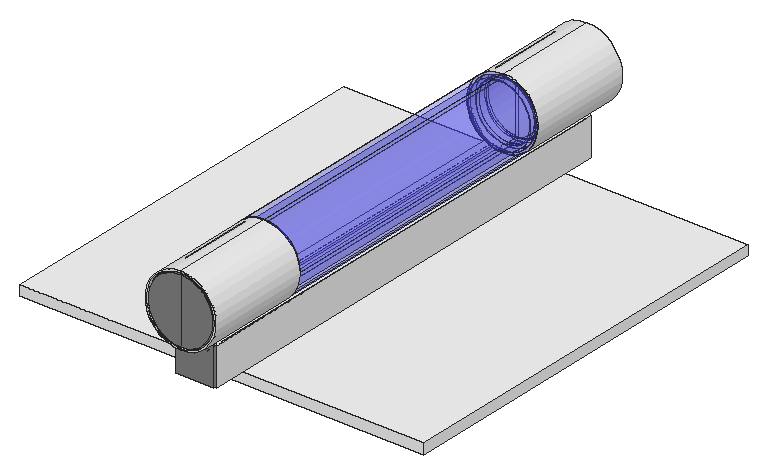
Revit family "BE_23250.1_de_DE", category Leuchten, Revit 2015
Parameters (values of type "BEGA_23250.1_K4")
  built-in parameter 1150104 = 11.613 (stored number, unit not read)
  Wattage = 10 W
  Default Elevation = 0 mm
  built-in parameter 1150113 = 1 (stored number, unit not read)
  built-in parameter 1114218 = 1 (stored number, unit not read)
  Umgebungstemperatur = ""
  URL = "http://www.bega.de/produkt/23250.1"
  Typenkommentare = "© 2017 BEGA. Wir behalten uns das Recht vor, technische Änderungen ohne vorherige Ankündigung vorzunehmen."  # constant formula
  built-in parameter 1150134 = 12
  built-in parameter 1150109 = 1 (stored number, unit not read)
  Strom = ""
  built-in parameter 1150110 = 1 (stored number, unit not read)
  Spannung = 239.996 V
  Sonderanfertigung = no
  Seriennummer [instance] = "Hier können Sie die eindeutige Seriennummer für das Facility Management eintragen."
  Schutzklasse = "I"
  Schutzart = "IP 44"
  Scheinlast = 0 VA
  Produktdatenblatt = "http://www.bega.de/download/Xrfa/db/23250.1.db.de.pdf"
  Oberflächentemperatur = ""
  Neigungswinkel = 0.00°
  Modell = "23250.1K4"
  Material_17 = BEGA_Reflektor
  Material_15 = BEGA_Leuchtmedium_matt
  Material_11 = BEGA_Glas_opal
  Material_09 = BEGA_Glas_klar
  Material_06 = BEGA_Oberfläche_Edelstahl_gebürstet
  Material_05 = BEGA_Oberfläche_Aluminium Guss
  Material_04 = BEGA_Kunststoff_Grafit_matt
  Material_03 = BEGA_Oberfläche_Weiss_matt
  Material_02 = BEGA_Oberfläche_Silber_matt
  Material_01 [instance] = BEGA_Oberfläche_Grafit_matt
  M_W = no
  M_G = no
  M_A = no
  Logo = 0
  built-in parameter 1114217 = 1 (stored number, unit not read)
  built-in parameter 1150139 = (empty or 0)
  built-in parameter 1150105 = 99.472 (stored number, unit not read)
  built-in parameter 1150114 = 1 (stored number, unit not read)
  Lumens = 1250 lm
  built-in parameter 1150115 = 1 (stored number, unit not read)
  Leuchtenlichtstrom = "806 lm"
  Leuchtenanzahl = ""
  Lebensdauerkriterien = "L70B50 @ 25 °C = 290000 h"
  Lastklassifizierung = Beleuchtung
  built-in parameter 1150112 = 1 (stored number, unit not read)
  Lampenlichtstrom = "1250 lm"
  Lampe = "LED 10 W"
  LED_Modulbezeichnung = "2x LED-0424/940"
  Hersteller = "BEGA"  # constant formula
  Halbstreuwinkel = ""
  Gewicht = "1.7 kg"
  Gebrauchslageneinschränkung [instance] = ""
  Frequenz = "0/50-60 Hz"
  Farbwiedergabeindex = "Ra > 90"
  Farbtemperaturverschiebung bei Dämpfen der Lampe = <Keine Auswahl>
  Farbtemperatur = "4000 K"
  Color Filter = 16777215
  built-in parameter 1150133 = 10 (stored number, unit not read)
  Energieeffizienzklasse = "LED A++ - A"
  built-in parameter 1150137 = (empty or 0)
  built-in parameter 1150132 = (empty or 0)
  ENEC = ""
  Dimmbar [instance] = ""
  Datei für fotometrisches Netz = "BE_23250K4.IES"
  CE_Konformität = "ja"
  Bestellnummer = "23250.1K4"
  Beschreibung_Sonderanfertigung = "Hier können Sie Informationen zur Sonderanfertigung eintragen."
  Beschreibung = "Wandleuchte"
  built-in parameter 1150106 = 0.99472 (stored number, unit not read)
  Befestigungsbohrung = "Ø 6 mm"
  Befestigungsabstand = "275 mm"
  Ballwurfsicher = ""
  BEGA_Intern_aus = yes
  BEGA_Intern_an = yes
  BEGA_Intern_Konstruktion = yes
  BEGA_Intern = yes
  BEGA_IES = yes
  BEGA_Dummy = no
  Anschlussleitung = ""
  Anschlussleistung [instance] = "11.6 W"
  Anschlusskasten = ""
  built-in parameter 1150107 = 4000 (stored number, unit not read)
  built-in parameter 1150102 = (empty or 0)
  built-in parameter 1150138 = (empty or 0)
  Aktualisierung = "2017-09-29T04:10:01"
  Abstand_zur_angestrahlten_Fläche [instance] = ""
  AC/DC = "AC/DC"
Types (2, lengths in mm): name | built-in parameter 1150104 | built-in parameter 1150134 | Modell | built-in parameter 1150105 | Lumens | Leuchtenlichtstrom | Lampenlichtstrom | LED_Modulbezeichnung | Farbtemperatur | Datei für fotometrisches Netz | Bestellnummer | built-in parameter 1150106 | built-in parameter 1150107
  BEGA_23250.1_K3 | 10.777 (stored number, unit not read) | (empty or 0) | "23250.1" | 92.31 (stored number, unit not read) | 1160 lm | "748 lm" | "1160 lm" | "2x LED-0424/930" | "3000 K" | "BE_23250.IES" | "23250.1" | 0.9231 (stored number, unit not read) | 3000 (stored number, unit not read)
  BEGA_23250.1_K4 | 11.613 (stored number, unit not read) | 12 | "23250.1K4" | 99.472 (stored number, unit not read) | 1250 lm | "806 lm" | "1250 lm" | "2x LED-0424/940" | "4000 K" | "BE_23250K4.IES" | "23250.1K4" | 0.99472 (stored number, unit not read) | 4000 (stored number, unit not read)
Reference planes
  plane 1 "Mitte (Vorne/Hinten)": y = 0
  plane 2: z = 0
  plane 3 "Mitte (Links/Rechts)": x = 0
  plane 4 "Links": x = -35
  plane 5 "Rechts": x = 35
  plane 6 "Unten": y = -251
  plane 7 "Oben": y = 251
  plane 8 "Vorne": z = 104.517
  plane 9 "Hinten": z = 0
Forms (mm)
  Extrusion 1, solid, material "BEGA_Platte_Weiss"
    sketch origin (0, -1119.2, 0) x (1, 0, 0) y (0, 1, 0)
      loop
        line (-200, 1319.2) -> (-200, 919.2) -> (200, 919.2) -> (200, 1319.2) -> (-200, 1319.2)
    from 0 to -10
  Extrusion 2, solid, material "BEGA_Dummy_matt", visible <- "BEGA_Dummy"
    sketch origin (80.095, -76.023, 0) x (1, 0, 0) y (0, 1, 0)
      loop
        line (-115.095, 327.023) -> (-115.095, -174.977) -> (-45.095, -174.977) -> (-45.095, 327.023) -> (-115.095, 327.023)
    from 0 to 104.517
Dimensions and locks
  plane 1 "Mitte (Vorne/Hinten)" to Extrusion 1 = 200 mm
  aligned and locked: plane 2 to Extrusion 1
  aligned and locked: level to Extrusion 1
Nested families
  nested 1: "BE_23250.1" at (0, 0, 0) x (0, 1, 0) z (0, 0, 1), type "BE_23250.1"
Connectors
  electrical at (0, 0, 0), driven by "Lastklassifizierung", driven by "Spannung", driven by "Scheinlast"
    settings: index 1, voltage 239.996 V, apparent load 0 VA, apparent load phase1 0 VA, apparent load phase2 0 VA, apparent load phase3 0 VA, power factor 1, load classification "Beleuchtung", number of poles 1, system type 31, power factor state 1, is connector primary yes, connector utility no, sub classification motor no, connector description ""
Definition of nested family "BE_23250.1"
  Parameters (values of type "BE_23250.1")
    Default Elevation = 1 mm
    URL = "http://www.bega.de/de/produkt"
    Type Comments = "© 2015 BEGA. Wir behalten uns das Recht vor, technische Änderungen ohne vorherige Ankündigung vorzunehmen. "  # constant formula
    Type Image = (empty or 0)
    Neigungswinkel_um_Z2 = 0.00°
    Neigungswinkel_um_Z1 = 0.00°
    Neigungswinkel_um_Y2 = 0.00°
    Neigungswinkel_um_Y1 = 0.00°
    Neigungswinkel_um_X2 = 0.00°
    Neigungswinkel_um_X1 = 0.00°
    Material_17 = none
    Material_15 = none
    Material_11 = none
    Material_09 = none
    Material_06 = none
    Material_05 = none
    Material_04 = none
    Material_03 = none
    Material_02 = none
    Material_01 = none
    M_W = yes
    M_G = yes
    M_A = yes
    Länge_Platte = 650 mm  # constant formula
    Höhe_Platte = -10 mm  # constant formula
    Manufacturer = "BEGA"  # constant formula
    Drehwinkel_um_Z2 = 0.00°
    Drehwinkel_um_Z1 = 0.00°
    Breite_Platte = 200 mm  # constant formula
  Reference planes
    plane 1 "Mitte (Oben/Unten)": y = 0
    plane 2: z = 0
    plane 3 "Mitte (Links/Rechts)": x = 0
    plane 4: y = 35
    plane 5: y = -35
    plane 6: x = -251
    plane 7: x = 251
    plane 8: z = 104.517
  Forms (mm)
    Extrusion 1, solid, detail levels medium
      sketch origin (0, 0, 0) x (1, 0, 0) y (0, 1, 0)
        loop
          line (-325, 100) -> (-325, -100) -> (325, -100) -> (325, 100) -> (-325, 100)
      from 0 to -10 <- "Höhe_Platte"
    Extrusion 2, solid, material <- "Material_03", detail levels medium+fine
      sketch origin (0, 0, 0) x (0, 1, 0) y (0, 0, 1)
        loop
          line (-20, 37.5) -> (-20, 0) -> (-15.75, 0) -> (-15.75, 6.5) -> (-16.8, 6.5)
          arc (-16.8, 6.5) -> (-17.507, 6.793) -> (-17.8, 7.5) r 1
          line (-17.8, 7.5) -> (-17.8, 32.29)
          arc (-17.8, 32.29) -> (-16.811, 33.7) -> (-15.148, 33.251) r 1.5
          line (-15.148, 33.251) -> (-11.917, 29.4) -> (11.917, 29.4) -> (15.148, 33.251)
          arc (15.148, 33.251) -> (16.811, 33.7) -> (17.8, 32.29) r 1.5
          line (17.8, 32.29) -> (17.8, 7.5)
          arc (17.8, 7.5) -> (17.507, 6.793) -> (16.8, 6.5) r 1
          line (16.8, 6.5) -> (15.75, 6.5) -> (15.75, 0) -> (20, 0) -> (20, 37.5) -> (18, 39.5)
          arc (18, 39.5) -> (15.101, 37.578) -> (12, 36.005) r 30
          line (12, 36.005) -> (12, 33.9)
          arc (12, 33.9) -> (11.561, 32.839) -> (10.5, 32.4) r 1.5
          line (10.5, 32.4) -> (-10.5, 32.4)
          arc (-10.5, 32.4) -> (-11.561, 32.839) -> (-12, 33.9) r 1.5
          line (-12, 33.9) -> (-12, 36.005)
          arc (-12, 36.005) -> (-15.101, 37.578) -> (-18, 39.5) r 30
          line (-18, 39.5) -> (-20, 37.5)
      from -232 to 231
    Extrusion 3, solid, material <- "Material_03", detail levels medium+fine
      sketch origin (0, 0, 0) x (1, 0, 0) y (0, 0, 1)
        loop
          line (128, 4.3) -> (128, 1) -> (148, 1) -> (148, 4.3) -> (128, 4.3)
        loop
          line (-147, 4.3) -> (-147, 1) -> (-127, 1) -> (-127, 4.3) -> (-147, 4.3)
      from -17.577 to 17.577
    Extrusion 4, solid, material <- "Material_04", detail levels medium+fine
      sketch origin (0, 0, 0) x (0, 1, 0) y (0, 0, 1)
        loop
          line (-18.99, 0.01) -> (18.99, 0.01) -> (19, 36.578) -> (17.542, 38.036)
          arc (17.542, 38.036) -> (0, 32.49) -> (-17.542, 38.036) r 30.51
          line (-17.542, 38.036) -> (-18.99, 36.588) -> (-18.99, 0.01)
      from 231 to 232.5
    Extrusion 5, solid, material <- "Material_04", detail levels medium+fine
      sketch origin (0, 0, 0) x (0, 1, 0) y (0, 0, -1)
        loop
          line (-18.99, -0.01) -> (-18.99, -36.588) -> (-17.542, -38.036)
          arc (-17.542, -38.036) -> (0, -32.49) -> (17.542, -38.036) r 30.51
          line (17.542, -38.036) -> (19, -36.578) -> (18.99, -0.01) -> (-18.99, -0.01)
      from 232 to 233.5
    Extrusion 6, void
      sketch origin (0, 0, 0) x (1, 0, 0) y (0, 1, 0)
        loop
          arc (135, 3) -> (132, 0) -> (135, -3) r 3
          line (135, -3) -> (141, -3)
          arc (141, -3) -> (143.116, -2.127) -> (144, -0.016) r 3
          arc (144, -0.016) -> (143.116, 2.127) -> (141, 3) r 3
          line (141, 3) -> (135, 3)
        loop
          arc (-134, 3) -> (-137, 6) -> (-140, 3) r 3
          line (-140, 3) -> (-140, -3)
          arc (-140, -3) -> (-139.128, -5.114) -> (-136.985, -6) r 3
          arc (-136.985, -6) -> (-134.873, -5.116) -> (-134, -3) r 3
          line (-134, -3) -> (-134, 3)
      from 0 to 6.5
    Revolve 7, void
      sketch origin (-201, 0, 0) x (0, 1, 0) y (0, 0, 1)
        loop
          line (-6, 32.4) -> (-6, 29.4) -> (0, 29.4) -> (0, 32.4) -> (-6, 32.4)
        axis (0, 32.4) -> (0, 29.4)
      angle from 0 to 360
    Revolve 8, solid, material <- "Material_03", detail levels medium+fine
      sketch origin (0, 0, 0) x (1, 0, 0) y (0, 0, 1)
        loop
          line (-251, 103.267) -> (-248.43, 103.267) -> (-247.66, 102.822) -> (-236, 102.517) -> (-148, 102.517) -> (-148, 104.517) -> (-251, 104.517) -> (-251, 103.267)
        loop
          line (251, 103.267) -> (251, 104.517) -> (148, 104.517) -> (148, 102.517) -> (236, 102.517) -> (247.66, 102.822) -> (248.43, 103.267) -> (251, 103.267)
        axis (-251, 69.517) -> (251, 69.517)
      angle from 0 to 360
    Revolve 9, solid, material <- "Material_04", detail levels medium+fine
      sketch origin (0, 0, 0) x (1, 0, 0) y (0, 0, 1)
        loop
          line (-251, 101.517) -> (-251, 69.517) -> (-245, 69.517) -> (-245, 100.067) -> (-236, 100.381) -> (-236, 103.017) -> (-248, 103.017) -> (-248, 101.517) -> (-251, 101.517)
        loop
          line (251, 101.517) -> (248, 101.517) -> (248, 103.017) -> (236, 103.017) -> (236, 100.381) -> (245, 100.067) -> (245, 69.517) -> (251, 69.517) -> (251, 101.517)
        axis (-251, 69.517) -> (251, 69.517)
      angle from 0 to 360
    Revolve 10, solid, material <- "Material_11", detail levels medium+fine
      sketch origin (0, 0, 0) x (1, 0, 0) y (0, 0, 1)
        loop
          line (-154.5, 98.517) -> (-150.415, 98.517)
          arc (-150.415, 98.517) -> (-146.122, 97.721) -> (-142.993, 100.767) r 4.75
          line (-142.993, 100.767) -> (142.993, 100.767)
          arc (142.993, 100.767) -> (146.122, 97.721) -> (150.415, 98.517) r 4.75
          line (150.415, 98.517) -> (154.336, 98.517) -> (162.75, 97.781) -> (162.75, 69.517) -> (166.5, 69.517) -> (166.5, 99.388)
          arc (166.5, 99.388) -> (165.976, 100.734) -> (164.684, 101.376) r 2
          line (164.684, 101.376) -> (154.5, 102.267) -> (146.5, 102.36) -> (146.5, 104.517) -> (-146.5, 104.517) -> (-146.5, 102.267) -> (-154.5, 102.267) -> (-154.5, 98.517)
        axis (-154.5, 69.517) -> (166.5, 69.517)
      angle from 0 to 360
    Revolve 11, void
      sketch origin (0, 0, 0) x (1, 0, 0) y (0, 0, 1)
        loop
          line (248.3, 79.117) -> (248.3, 69.517) -> (251, 69.517) -> (251, 79.282) -> (248.3, 79.117)
        axis (248.3, 69.517) -> (251, 69.517)
      angle from 0 to 360
    Revolve 12, solid, material <- "Material_06", detail levels fine
      sketch origin (0, 0, 0) x (1, 0, 0) y (0, 0, 1)
        loop
          line (248.3, 79.017) -> (248.3, 69.517) -> (250.8, 69.517) -> (250.8, 79.017) -> (248.3, 79.017)
        axis (248.3, 69.517) -> (250.8, 69.517)
      angle from 0 to 360
  Cuts and joins
    joined: Extrusion 4, Extrusion 5
    Revolve 7 cuts Extrusion 2
    Extrusion 6 cuts Extrusion 3
    joined: Extrusion 2, Extrusion 3
    Revolve 11 cuts Revolve 9
  Dimensions and locks
    equal spacing: Extrusion 1 sketch curve, plane 3 "Mitte (Links/Rechts)", Extrusion 1 sketch curve
    equal spacing: Extrusion 1 sketch curve, plane 1 "Mitte (Oben/Unten)", Extrusion 1 sketch curve
    "Länge_Platte": Extrusion 1 sketch curve to Extrusion 1 sketch curve
    "Breite_Platte": Extrusion 1 sketch curve to Extrusion 1 sketch curve
    aligned and locked: Extrusion 1 to plane 2
    aligned and locked: level to Extrusion 1
  Automatic sketch dimensions
    Extrusion 2 sketch curve to Extrusion 2 sketch curve = 0 mm  (x2)
    Extrusion 2 sketch curve to level = 0 mm  (x2)
    Extrusion 2 sketch curve to plane 1 "Mitte (Oben/Unten)" = 0 mm
    plane 1 "Mitte (Oben/Unten)" to Extrusion 2 sketch curve = 10.5 mm
    Extrusion 2 sketch curve to Extrusion 2 sketch curve = 1.417 mm  (x2)
    Extrusion 2 sketch curve to Extrusion 2 sketch curve = 1.5 mm  (x3)
    Extrusion 2 sketch curve to Extrusion 2 sketch curve = 3.148 mm  (x2)
    plane 1 "Mitte (Oben/Unten)" to Extrusion 2 sketch curve = 15.75 mm
    Extrusion 2 sketch curve to Extrusion 2 sketch curve = 1.152 mm  (x2)
    Extrusion 2 sketch curve to Extrusion 2 sketch curve = 1.05 mm  (x2)
    Extrusion 2 sketch curve to Extrusion 2 sketch curve = 1 mm
    Extrusion 2 sketch curve to Extrusion 2 sketch curve = 2.852 mm  (x2)
    Extrusion 2 sketch curve to Extrusion 2 sketch curve = 2 mm  (x2)
    Extrusion 2 sketch curve to plane 1 "Mitte (Oben/Unten)" = 10.5 mm
    level to Extrusion 2 sketch curve = 6.5 mm  (x2)
    Extrusion 2 sketch curve to plane 1 "Mitte (Oben/Unten)" = 15.75 mm
    Extrusion 2 sketch curve to Extrusion 2 sketch curve = 4.25 mm
    Extrusion 2 sketch curve to Extrusion 2 sketch curve = 21.9 mm
    Extrusion 2 sketch curve to Extrusion 2 sketch curve = 2.89 mm  (x2)
    Extrusion 2 sketch curve to Extrusion 2 sketch curve = 3 mm
    Extrusion 2 sketch curve to Extrusion 2 sketch curve = 2.105 mm  (x2)
    Extrusion 2 sketch curve to Extrusion 2 sketch curve = 5.21 mm  (x2)
    level to Extrusion 3 sketch curve = 1 mm  (x2)
    Extrusion 3 sketch curve to plane 6 = 104 mm
    Extrusion 3 sketch curve to Extrusion 3 sketch curve = 20 mm  (x2)
    level to Extrusion 3 sketch curve = 4.3 mm
    Extrusion 3 sketch curve to plane 7 = 123 mm
    Extrusion 3 sketch curve to Extrusion 3 sketch curve = 3.3 mm
    Extrusion 4 sketch curve to plane 1 "Mitte (Oben/Unten)" = 0 mm
    Extrusion 4 sketch curve to plane 5 = 17.458 mm
    level to Extrusion 4 sketch curve = 0.01 mm
    Extrusion 4 sketch curve to plane 5 = 16.01 mm
    Extrusion 4 sketch curve to plane 4 = 17.458 mm
    Extrusion 4 sketch curve to plane 4 = 16.01 mm
    Extrusion 4 sketch curve to Extrusion 4 sketch curve = 1.458 mm  (x2)
    Extrusion 4 sketch curve to Extrusion 4 sketch curve = 36.567 mm
    Extrusion 4 sketch curve to Extrusion 4 sketch curve = 36.578 mm
    Extrusion 5 sketch curve to plane 1 "Mitte (Oben/Unten)" = 0 mm
    Extrusion 5 sketch curve to plane 5 = 17.458 mm
    level to Extrusion 5 sketch curve = 0.01 mm
    Extrusion 5 sketch curve to plane 5 = 16.01 mm
    Extrusion 5 sketch curve to plane 4 = 17.458 mm
    Extrusion 5 sketch curve to plane 4 = 16.01 mm
    Extrusion 5 sketch curve to Extrusion 5 sketch curve = 1.458 mm
    Extrusion 5 sketch curve to Extrusion 5 sketch curve = 36.567 mm
    Extrusion 5 sketch curve to Extrusion 5 sketch curve = 36.578 mm
    Extrusion 5 sketch curve to Extrusion 5 sketch curve = 1.448 mm
    Extrusion 6 sketch curve to Extrusion 6 sketch curve = 0 mm  (x4)
    plane 1 "Mitte (Oben/Unten)" to Extrusion 6 sketch curve = 0 mm  (x2)
    Extrusion 6 sketch curve to plane 1 "Mitte (Oben/Unten)" = 3 mm
    Extrusion 6 sketch curve to plane 6 = 111 mm
    Extrusion 6 sketch curve to Extrusion 6 sketch curve = 3 mm  (x2)
    plane 1 "Mitte (Oben/Unten)" to Extrusion 6 sketch curve = 3 mm  (x2)
    Extrusion 6 sketch curve to plane 7 = 116 mm
    Extrusion 6 sketch curve to Extrusion 6 sketch curve = 6 mm
    Extrusion 6 sketch curve to Extrusion 6 sketch curve = 0.02 mm
    Extrusion 6 sketch curve to Extrusion 6 sketch curve = 0.035 mm
    Extrusion 6 sketch curve to plane 1 "Mitte (Oben/Unten)" = 0.016 mm
    plane 1 "Mitte (Oben/Unten)" to Extrusion 6 sketch curve = 0.016 mm
    Revolve 7 sketch curve to plane 1 "Mitte (Oben/Unten)" = 0 mm  (x2)
    Revolve 7 sketch curve to Revolve 7 sketch curve = 6 mm
    level to Revolve 7 sketch curve = 29.4 mm
    Revolve 7 sketch curve to Revolve 7 sketch curve = 3 mm
    Revolve 7 sketch curve to Revolve 7 sketch curve = 4.732 mm
    Revolve 7 sketch curve to Revolve 7 sketch curve = 0 mm
    Extrusion 4 sketch curve to Extrusion 4 sketch curve = 24.964 mm
    Extrusion 5 sketch curve to Extrusion 5 sketch curve = 24.964 mm
    Revolve 8 sketch curve to plane 6 = 0 mm
    Revolve 8 sketch curve to plane 7 = 0 mm
    Revolve 8 sketch curve to Revolve 8 sketch curve = 2.57 mm
    Revolve 8 sketch curve to Revolve 8 sketch curve = 0.77 mm  (x2)
    Revolve 8 sketch curve to Revolve 8 sketch curve = 11.66 mm
    Revolve 8 sketch curve to Revolve 8 sketch curve = 88 mm
    Revolve 8 sketch curve to plane 7 = 103 mm
    Revolve 8 sketch curve to plane 7 = 15 mm
    Revolve 8 sketch curve to plane 7 = 3.34 mm
    level to Revolve 8 sketch curve = 102.517 mm  (x2)
    Revolve 8 sketch curve to Revolve 8 sketch curve = 0.305 mm  (x2)
    Revolve 8 sketch curve to Revolve 8 sketch curve = 0.445 mm  (x2)
    Revolve 8 sketch curve to Revolve 8 sketch curve = 2 mm  (x2)
    Revolve 8 sketch curve to plane 6 = 9.246 mm
    Revolve 8 sketch curve to Revolve 8 sketch curve = 27.869 mm
    Revolve 8 sketch curve to Revolve 8 sketch curve = 33 mm
    Revolve 10 sketch curve to plane 6 = 96.5 mm
    Revolve 10 sketch curve to Revolve 10 sketch curve = 4.085 mm
    Revolve 10 sketch curve to Revolve 10 sketch curve = 2.915 mm  (x2)
    Revolve 10 sketch curve to Revolve 10 sketch curve = 1 mm  (x2)
    Revolve 10 sketch curve to Revolve 10 sketch curve = 3.507 mm  (x2)
    Revolve 10 sketch curve to plane 7 = 108.007 mm
    Revolve 10 sketch curve to Revolve 10 sketch curve = 3.921 mm
    Revolve 10 sketch curve to Revolve 10 sketch curve = 0.164 mm
    Revolve 10 sketch curve to Revolve 10 sketch curve = 8.414 mm
    Revolve 10 sketch curve to Revolve 10 sketch curve = 1.75 mm
    Revolve 10 sketch curve to Revolve 10 sketch curve = 0.184 mm
    Revolve 10 sketch curve to Revolve 10 sketch curve = 3.75 mm  (x2)
    level to Revolve 10 sketch curve = 69.517 mm  (x2)
    Revolve 10 sketch curve to Revolve 10 sketch curve = 28.264 mm
    Revolve 10 sketch curve to Revolve 10 sketch curve = 0.736 mm
    level to Revolve 10 sketch curve = 98.517 mm
    Revolve 10 sketch curve to Revolve 10 sketch curve = 1.604 mm
    Revolve 10 sketch curve to Revolve 10 sketch curve = 0.004 mm
    Revolve 10 sketch curve to Revolve 10 sketch curve = 2.25 mm  (x2)
    Revolve 10 sketch curve to Revolve 10 sketch curve = 0 mm
    Revolve 10 sketch curve to Revolve 10 sketch curve = 0.093 mm
    Revolve 10 sketch curve to plane 3 "Mitte (Links/Rechts)" = 46.5 mm
    plane 3 "Mitte (Links/Rechts)" to Revolve 10 sketch curve = 23.5 mm
    Revolve 9 sketch curve to plane 6 = 0 mm
    plane 6 to Revolve 9 sketch curve = 0 mm
    Revolve 9 sketch curve to plane 7 = 0 mm
    Revolve 9 sketch curve to Revolve 9 sketch curve = 3 mm
    Revolve 9 sketch curve to Revolve 9 sketch curve = 6 mm  (x2)
    Revolve 9 sketch curve to Revolve 9 sketch curve = 9 mm
    Revolve 9 sketch curve to plane 7 = 15 mm
    Revolve 9 sketch curve to plane 7 = 3 mm
    level to Revolve 9 sketch curve = 69.517 mm  (x2)
    Revolve 9 sketch curve to Revolve 9 sketch curve = 30.55 mm  (x2)
    Revolve 9 sketch curve to Revolve 9 sketch curve = 0.314 mm  (x2)
    Revolve 9 sketch curve to Revolve 9 sketch curve = 1.45 mm  (x2)
    Revolve 9 sketch curve to Revolve 9 sketch curve = 1.5 mm  (x2)
    Revolve 9 sketch curve to Revolve 9 sketch curve = 4 mm
    Revolve 9 sketch curve to Revolve 9 sketch curve = 0 mm
    Revolve 11 sketch curve to plane 7 = 0 mm
    Revolve 11 sketch curve to Revolve 11 sketch curve = 2.7 mm
    level to Revolve 11 sketch curve = 69.517 mm
    Revolve 11 sketch curve to Revolve 11 sketch curve = 9.6 mm
    Revolve 11 sketch curve to Revolve 11 sketch curve = 0.165 mm
    Revolve 11 sketch curve to Revolve 11 sketch curve = 0 mm  (x2)
    plane 7 to Revolve 11 sketch curve = 0.675 mm
    Revolve 12 sketch curve to plane 7 = 2.7 mm
    Revolve 12 sketch curve to plane 7 = 0.2 mm
    level to Revolve 12 sketch curve = 69.517 mm
    Revolve 12 sketch curve to Revolve 12 sketch curve = 9.5 mm
    Revolve 12 sketch curve to Revolve 12 sketch curve = 0 mm  (x2)
    plane 7 to Revolve 12 sketch curve = 0.342 mm
